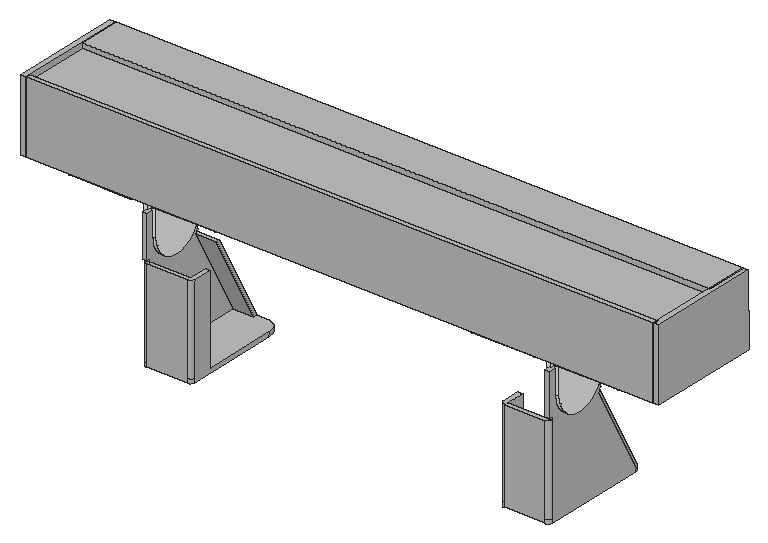
Revit family "4070743+4070747+4070771 Feilo Sylvania Lighting Fixtures CURSUS 306MM 183LM WIDE LED 3K with SINGLE WALL HOUSING with 70MM WALL BRACKET", category Lighting Fixtures, host Face, Revit 2017
Family settings
  Host = Face
  Round Connector Dimension = Use Diameter
  Part Type = Normal
  OmniClass Number = 23.80.70.14
  OmniClass Title = Luminaries for External Lighting
  Cut with Voids When Loaded = Yes
  Light Source = No
  Shared = No
  Room Calculation Point = No
Parameters (values of type "4070743 CURSUS 306MM 183LM WIDE LED 3K")
  Weight = "0.6 kg"
  Wattage Comments = "n/a"
  WarrantyStartDate [instance] = "n/a"
  WarrantyGuarantorParts = "n/a"
  WarrantyDurationUnit = "n/a"
  WarrantyDurationParts = "n/a"
  WarrantyDescription = "n/a"
  Voltage = 24 V
  URL = "http://www.sylvania-lighting.com"
  TypeName = "CURSUS 306MM 183LM WIDE LED 3K"
  TypeFixture_FEILO = CURSUS with SINGLE WALL HOUSING : CURSUS 306MM 183LM WIDE LED 3K
  Type Image = <None>
  Type Comments = "n/a"
  TiltAngle [instance] = 0.00°
  StartAngle [instance] = TiltAngle + 270.00°  # 270.00°
  SerialNumber [instance] = "n/a"
  ReflectorMaterial = none
  PowerFactor = 0
  PowerConsumption = "4.5 W"
  NominalLength = 306 mm
  NominalHeight = 50 mm
  NominalDepth = 30 mm
  Name = "CURSUS 306MM 183LM WIDE LED 3K"
  ModelReference = Name  # "CURSUS 306MM 183LM WIDE LED 3K"
  ModelNumber = "4070743"
  Model = Name  # "CURSUS 306MM 183LM WIDE LED 3K"
  Material = "natural anodised extruded aluminium structure housing"
  ManufacturerName = "Feilo Sylvania"
  Manufacturer = "Feilo Sylvania"
  LuminousEfficacy = "40.66 lm/W"
  LuminaireType = ""
  LightOutputRatio = "100"
  LampsType = Lamp  # "LED"
  LampNominalLuminous = "183 lm"
  LampMacAdamStep = "n/a"
  LampColourTemperature = "3000 K"
  LampColourRenderingIndex = "80"
  Lamp = "LED"
  Keynote = "16500"
  InstallationDate [instance] = "n/a"
  InputVoltage = "24V DC"
  InputNominalFrequency = "n/a"
  IngressProtection = "IP67"
  ImpactProtectionIndex = "IK07"
  IfcExportType = "IfcLightFixtureType"
  IfcExportAs = "IfcLightFixtureType"
  ExpectedLife = 50000
  EndAngle [instance] = StartAngle - 180.00°  # 90.00°
  ElectricShockClassification = "Class III"
  DurationUnit = "hours"
  DocumentationLiterature = "http://www.sylvania-lighting.com/product/en-int/products/4070743"
  DimmingControlOptions = "n/a"
  DiffuserMaterial = Diffuser-Sylvania-Glow
  Description = "LED Exterior Lighting Recessed Surface Mounted Linear Fixture, Natural anodised extruded aluminium structure. Die-cast aluminium end caps. Installation kit with harmonic steel springs., 183 lm, 4,5W, 40lm/W, 3000K, CRI80+,non dimmable,IP67, IK07, (HxWxD) 306x50x30mm, 3 step Mac Adam Ellipse, 0.6kg,, Classe III, 21-25V-DC, energy class : A++, A+, A"
  Default Elevation = 1219.2 mm
  CreatedOn = "1/8/2018"
  CreatedBy = ""
  Cost = 0
  built-in parameter 1114216 [instance] = (empty or 0)
  ClassificationValue = "EF_70_80"
  ClassificationName = "Uniclass2015"
  BracketWidth = 24 mm
  BracketThickness = 2 mm
  BracketHeightEnd = 32 mm
  BracketHeight = 55 mm
  BracketFlange = BracketHeight / 5  # 11 mm
  BracketExtension = 70 mm
  BracketEndReduction = 25 mm
  BracketC = 22 mm  # constant formula
  BracketDistance = 175 mm
  BracketD = BracketHeightEnd - (BracketC * (BracketHeight - BracketHeightEnd) / (BracketExtension - BracketEndReduction))  # 20.756 mm
  BodyMaterial = Body-Sylvania-Gray
  BarCode [instance] = "n/a"
  AssetType = "Fixed"
  AssetIdentifier [instance] = "n/a"
  Assembly Code = "D5020200"
  Apparent Load = 4.5 VA
  AccessoryMaterial = Diffuser-Sylvania-Glow
Reference planes
  plane 1 "Center (Front/Back)": y = 0
  plane 2: z = 0
  plane 3 "Center (Left/Right)": x = 0
  plane 4: x = -99.5
  plane 5: x = 99.5
  plane 6: y = 55
  plane 7: x = -75.5
  plane 8: x = 75.5
  plane 9: z = 70
  plane 10: z = 56
  plane 11: z = 2
  plane 12: z = 45
  plane 13: x = -97.5
  plane 14: y = 53
  plane 15: y = 2
  plane 16: x = -77.5
  plane 17: x = 77.5
  plane 18: x = 97.5
  plane 19: x = -87.5
  plane 20: x = 87.5
  plane 21: y = 11
  plane 22: y = 32
  plane 23: y = 30
  plane 24: z = 67
  plane 25: y = 20.756
  plane 26: y = 16
Forms (mm)
  Blend 1, solid, material "Body-Sylvania-Gray" <- "BodyMaterial"
    base sketch origin (1223.4, -4572, 2) x (0, -1, 0) y (1, 0, 0)
      loop
        line (-4625, -1310.9) -> (-4627, -1310.9) -> (-4627, -1320.9)
        arc (-4627, -1320.9) -> (-4626.414, -1322.314) -> (-4625, -1322.9) r 2
        line (-4625, -1322.9) -> (-4574, -1322.9)
        arc (-4574, -1322.9) -> (-4572.586, -1322.314) -> (-4572, -1320.9) r 2
        line (-4572, -1320.9) -> (-4572, -1300.9)
        arc (-4572, -1300.9) -> (-4572.586, -1299.486) -> (-4574, -1298.9) r 2
        line (-4574, -1298.9) -> (-4583, -1298.9) -> (-4583, -1300.9) -> (-4574, -1300.9) -> (-4574, -1320.9) -> (-4625, -1320.9) -> (-4625, -1310.9)
    top sketch origin (1223.4, -4572, 2) x (0, -1, 0) y (1, 0, 0)
      loop
        line (-4583, -1300.9) -> (-4574, -1300.9) -> (-4574, -1320.9) -> (-4602, -1320.9) -> (-4602, -1310.9) -> (-4604, -1310.9) -> (-4604, -1320.9)
        arc (-4604, -1320.9) -> (-4603.52, -1322.21) -> (-4602.309, -1322.9) r 2.028
        line (-4602.309, -1322.9) -> (-4574, -1322.9)
        arc (-4574, -1322.9) -> (-4572.586, -1322.314) -> (-4572, -1320.9) r 2
        line (-4572, -1320.9) -> (-4572, -1300.9)
        arc (-4572, -1300.9) -> (-4572.586, -1299.486) -> (-4574, -1298.9) r 2
        line (-4574, -1298.9) -> (-4583, -1298.9) -> (-4583, -1300.9)
    from 0 to 43
  Extrusion 2, solid, material "Body-Sylvania-Gray" <- "BodyMaterial"
    sketch origin (0, 0, 0) x (1, 0, 0) y (0, 1, 0)
      loop
        arc (-97.5, 55) -> (-98.914, 54.414) -> (-99.5, 53) r 2
        line (-99.5, 53) -> (-99.5, 2)
        arc (-99.5, 2) -> (-98.914, 0.586) -> (-97.5, 0) r 2
        line (-97.5, 0) -> (-77.5, 0)
        arc (-77.5, 0) -> (-76.086, 0.586) -> (-75.5, 2) r 2
        line (-75.5, 2) -> (-75.5, 47.5)
        arc (-75.5, 47.5) -> (-77.697, 52.803) -> (-83, 55) r 7.5
        line (-83, 55) -> (-97.5, 55)
      loop
        line (97.5, 55) -> (83, 55)
        arc (83, 55) -> (77.697, 52.803) -> (75.5, 47.5) r 7.5
        line (75.5, 47.5) -> (75.5, 2)
        arc (75.5, 2) -> (76.086, 0.586) -> (77.5, 0) r 2
        line (77.5, 0) -> (97.5, 0)
        arc (97.5, 0) -> (98.914, 0.586) -> (99.5, 2) r 2
        line (99.5, 2) -> (99.5, 53)
        arc (99.5, 53) -> (98.914, 54.414) -> (97.5, 55) r 2
    from 0 to 2
  Blend 3, solid, material "Body-Sylvania-Gray" <- "BodyMaterial"
    base sketch origin (1223.4, -4572, 2) x (0, -1, 0) y (1, 0, 0)
      loop
        line (-4625, -1125.9) -> (-4574, -1125.9) -> (-4574, -1145.9) -> (-4583, -1145.9) -> (-4583, -1147.9) -> (-4574, -1147.9)
        arc (-4574, -1147.9) -> (-4572.586, -1147.314) -> (-4572, -1145.9) r 2
        line (-4572, -1145.9) -> (-4572, -1125.9)
        arc (-4572, -1125.9) -> (-4572.586, -1124.486) -> (-4574, -1123.9) r 2
        line (-4574, -1123.9) -> (-4625, -1123.9)
        arc (-4625, -1123.9) -> (-4626.414, -1124.486) -> (-4627, -1125.9) r 2
        line (-4627, -1125.9) -> (-4627, -1135.9) -> (-4625, -1135.9) -> (-4625, -1125.9)
    top sketch origin (1223.4, -4572, 2) x (0, -1, 0) y (1, 0, 0)
      loop
        line (-4602, -1135.9) -> (-4602, -1125.9) -> (-4574, -1125.9) -> (-4574, -1145.9) -> (-4583, -1145.9) -> (-4583, -1147.9) -> (-4574, -1147.9)
        arc (-4574, -1147.9) -> (-4572.586, -1147.314) -> (-4572, -1145.9) r 2
        line (-4572, -1145.9) -> (-4572, -1125.9)
        arc (-4572, -1125.9) -> (-4572.586, -1124.486) -> (-4574, -1123.9) r 2
        line (-4574, -1123.9) -> (-4602, -1123.9)
        arc (-4602, -1123.9) -> (-4603.414, -1124.486) -> (-4604, -1125.9) r 2
        line (-4604, -1125.9) -> (-4604, -1135.9) -> (-4602, -1135.9)
    from 0 to 43
  Blend 4, solid, material "Body-Sylvania-Gray" <- "BodyMaterial"
    base sketch origin (1223.4, -4572, 45) x (0, -1, 0) y (1, 0, 0)
      loop
        line (-4604, -1322.9) -> (-4572, -1322.9) -> (-4572, -1320.9) -> (-4604, -1320.9) -> (-4604, -1322.9)
    top sketch origin (1223.4, -4572, 45) x (0, -1, 0) y (1, 0, 0)
      loop
        line (-4572, -1322.9) -> (-4572, -1320.9) -> (-4592.756, -1320.9) -> (-4592.756, -1322.9) -> (-4572, -1322.9)
    from 0 to 22
  Blend 5, solid, material "Body-Sylvania-Gray" <- "BodyMaterial"
    base sketch origin (1223.4, -4572, 45) x (0, -1, 0) y (1, 0, 0)
      loop
        line (-4604, -1125.9) -> (-4572, -1125.9) -> (-4572, -1123.9) -> (-4604, -1123.9) -> (-4604, -1125.9)
    top sketch origin (1223.4, -4572, 45) x (0, -1, 0) y (1, 0, 0)
      loop
        line (-4572, -1123.9) -> (-4592.756, -1123.9) -> (-4592.756, -1125.9) -> (-4572, -1125.9) -> (-4572, -1123.9)
    from 0 to 22
  Extrusion 6, void
    sketch origin (0, 0, 0) x (0, 1, 0) y (0, 0, 1)
      loop
        line (0, 45) -> (2, 45) -> (2, 46.5) -> (0, 46.5) -> (0, 45)
      loop
        line (32, 45) -> (32, 46.5) -> (30, 46.5) -> (30, 45) -> (32, 45)
    from -99.5 to 99.5
  Revolve 7, solid, not visible
    sketch origin (1524, 16, 1219.2) x (1, 0, 0) y (0, 0, 1)
      loop
        line (-1524, -1152.2) -> (-1524, -1163.2) -> (-1436.5, -1163.2) -> (-1436.5, -1152.2) -> (-1524, -1152.2)
      axis (-1436.5, -1163.2) -> (-1524, -1163.2)
    angle from 270 <- "StartAngle" to 90 <- "EndAngle"
Cuts and joins
  Extrusion 6 cuts Blend 4
  Extrusion 6 cuts Blend 5
  joined: Blend 1, Extrusion 2, Blend 3, Blend 4, Blend 5
Lines and regions (mm)
  reference lines, not visible
    curve 1: line (-75.5, 16, 56) -> (75.5, 16, 56)
Dimensions and locks
  equal spacing: plane 4, plane 3 "Center (Left/Right)", plane 5
  "BracketDistance": plane 19 to plane 20
  "BracketHeight": plane 1 "Center (Front/Back)" to plane 6
  equal spacing: plane 7, plane 3 "Center (Left/Right)", plane 8
  "BracketWidth": plane 4 to plane 7
  "BracketExtension": plane 9 to plane 2
  "BracketThickness": plane 11 to plane 2
  "BracketEndReduction": plane 9 to plane 12
  equal spacing: plane 13, plane 3 "Center (Left/Right)", plane 18
  equal spacing: plane 16, plane 3 "Center (Left/Right)", plane 17
  "BracketThickness": plane 4 to plane 13
  "BracketThickness": plane 16 to plane 7
  "BracketThickness": plane 14 to plane 6
  "BracketThickness": plane 1 "Center (Front/Back)" to plane 15
  equal spacing: plane 4, plane 19, plane 7
  equal spacing: plane 8, plane 20, plane 5
  "BracketFlange": plane 1 "Center (Front/Back)" to plane 21
  "BracketHeightEnd": plane 1 "Center (Front/Back)" to plane 22
  "BracketThickness": plane 23 to plane 22
  locked: Extrusion 2 sketch curve to plane 7 at 7.5
  locked: Extrusion 2 sketch curve to plane 6 at 7.5  (x2)
  locked: plane 8 to Extrusion 2 sketch curve at 7.5
  "BracketC": plane 24 to plane 12
  "BracketD": plane 1 "Center (Front/Back)" to plane 25
  locked: plane 12 to Extrusion 6 sketch curve at 1.5
  equal spacing: plane 24, plane 10, plane 12
  equal spacing: plane 1 "Center (Front/Back)", plane 26, plane 22
  aligned and locked: plane 2 to host face
  aligned and locked: level to host face
  aligned and locked: plane 4 to Blend 1 sketch curve  (x2)
  aligned and locked: plane 13 to Blend 1 sketch curve  (x3)
  aligned and locked: Blend 1 sketch curve to plane 15
  aligned and locked: Blend 1 sketch curve to plane 16
  aligned and locked: Blend 1 sketch curve to plane 21
  aligned and locked: plane 7 to Blend 1 sketch curve
  aligned and locked: plane 16 to Blend 1 sketch curve
  aligned and locked: plane 1 "Center (Front/Back)" to Blend 1 sketch curve
  aligned and locked: plane 14 to Blend 1 sketch curve
  aligned and locked: Blend 1 sketch curve to var sketch  (x6)
  aligned and locked: Blend 1 sketch curve to plane 19
  aligned and locked: Blend 1 sketch curve to plane 22
  aligned and locked: plane 23 to Blend 1 sketch curve
  aligned and locked: plane 11 to Blend 1
  aligned and locked: Extrusion 2 sketch curve to Blend 1  (x3)
  aligned and locked: Extrusion 2 to level
  aligned and locked: Extrusion 2 to plane 11
  aligned and locked: Extrusion 2 sketch curve to plane 7
  aligned and locked: plane 18 to Blend 3 sketch curve  (x4)
  aligned and locked: plane 14 to Blend 3 sketch curve  (x2)
  aligned and locked: Blend 3 sketch curve to plane 20
  aligned and locked: Blend 3 sketch curve to plane 6
  aligned and locked: plane 5 to Blend 3 sketch curve
  aligned and locked: plane 1 "Center (Front/Back)" to Blend 3 sketch curve
  aligned and locked: plane 15 to Blend 3 sketch curve  (x2)
  aligned and locked: Blend 3 sketch curve to plane 8
  aligned and locked: Blend 3 sketch curve to plane 21
  aligned and locked: plane 17 to Blend 3 sketch curve
  aligned and locked: Blend 3 sketch curve to plane 18
  aligned and locked: plane 20 to Blend 3 sketch curve  (x2)
  aligned and locked: Blend 3 sketch curve to plane 23
  aligned and locked: Blend 3 sketch curve to var sketch  (x8)
  aligned and locked: var sketch to Blend 3 sketch curve
  aligned and locked: plane 22 to Blend 3 sketch curve
  aligned and locked: plane 11 to Blend 3
  aligned and locked: Extrusion 2 sketch curve to Blend 3  (x4)
  aligned and locked: Blend 1 to plane 12
  aligned and locked: Blend 3 to plane 12
  aligned and locked: Blend 4 sketch curve to plane 22
  aligned and locked: Blend 4 sketch curve to cut or joined group of Blend 1, Extrusion 2, Blend 3, Blend 4, Blend 5, Extrusion 6  (x2)
  aligned and locked: cut or joined group of Blend 1, Extrusion 2, Blend 3, Blend 4, Blend 5, Extrusion 6 to Blend 4 sketch curve
  aligned and locked: Blend 4 sketch curve to var sketch  (x2)
  aligned and locked: Blend 4 sketch curve to plane 13
  aligned and locked: Blend 4 to plane 24
  aligned and locked: Blend 4 sketch curve to plane 25
  aligned and locked: Blend 5 sketch curve to plane 18  (x2)
  aligned and locked: plane 1 "Center (Front/Back)" to Blend 5 sketch curve
  aligned and locked: plane 5 to Blend 5 sketch curve
  aligned and locked: plane 22 to Blend 5 sketch curve
  aligned and locked: Blend 5 sketch curve to var sketch
  aligned and locked: var sketch to Blend 5 sketch curve
  aligned and locked: Blend 5 sketch curve to plane 25
  aligned and locked: Blend 5 to plane 24
  aligned and locked: plane 12 to Blend 5
  aligned and locked: Extrusion 6 sketch curve to cut or joined group of Blend 1, Extrusion 2, Blend 3, Blend 4, Blend 5, Extrusion 6  (x2)
  aligned and locked: Extrusion 6 sketch curve to Extrusion 6 sketch curve
  aligned and locked: Extrusion 6 sketch curve to plane 15
  aligned and locked: plane 5 to Extrusion 6
  aligned and locked: Extrusion 6 to plane 4
  aligned and locked: Extrusion 6 sketch curve to plane 23
  aligned and locked: Revolve 7 sketch curve to plane 10  (x2)
  aligned and locked: plane 24 to Revolve 7 sketch curve
  aligned and locked: plane 3 "Center (Left/Right)" to Revolve 7 sketch curve
  aligned and locked: Revolve 7 sketch curve to plane 20
  aligned and locked: plane 7 to curve 1
  aligned and locked: plane 10 to curve 1
  aligned and locked: nested 1 to plane 5
  aligned and locked: nested 2 to plane 4
  aligned and locked: nested 1 to curve 1
  aligned and locked: nested 2 to curve 1
  aligned and locked: nested 1 to nested 3
  aligned and locked: nested 3 to plane 3 "Center (Left/Right)"
Automatic sketch dimensions
  host sketch curve to host sketch curve = 2438.4 mm  (x2)
  Blend 1 sketch curve to plane 13 = 0 mm
  plane 15 to Blend 1 sketch curve = 0 mm  (x3)
  Blend 1 sketch curve to plane 23 = 0.309 mm
  plane 6 to Blend 1 sketch curve = 0 mm
  plane 14 to Blend 1 sketch curve = 0 mm
  Blend 1 sketch curve to plane 19 = 0 mm
  Blend 3 sketch curve to plane 17 = 0 mm
  Extrusion 6 sketch curve to plane 1 "Center (Front/Back)" = 0 mm
  plane 12 to Extrusion 6 sketch curve = 0 mm
  Revolve 7 sketch curve to plane 4 = 1153 mm
  plane 5 to Revolve 7 sketch curve = 1161.4 mm
  curve 1 to plane 8 = 0 mm
Nested families
  nested 1: "MountingPlate" at (98.5, 16, 56) x (-1, 0, 0) z (0, 0, 1), type "MountingPlate"
  nested 2: "MountingPlate" at (-98.5, 16, 56) x (-1, 0, 0) z (0, 0, 1), type "MountingPlate"
  nested 3: "CURSUS with SINGLE WALL HOUSING" at (0, -4, 74) x (-1, 0, 0) z (0, 0, 1), type <- "TypeFixture_FEILO", type "CURSUS 306MM 183LM WIDE LED 3K"
    with WarrantyStartDate "n/a", SerialNumber "n/a", InstallationDate "n/a", EndCapRight yes, EndCapLeft yes, built-in parameter 1114216 (empty or 0), BarCode "n/a", AssetIdentifier "n/a"
Connectors
  electrical at (0, 0, 0), driven by "Voltage", driven by "Apparent Load", driven by "PowerFactor"
    settings: index 1, voltage 24 V, apparent load 4.5 VA, apparent load phase1 0 VA, apparent load phase2 0 VA, apparent load phase3 0 VA, power factor 0, load classification "Other", number of poles 1, system type 30, power factor state 1, is connector primary yes, connector utility no, sub classification motor no, connector description ""
Definition of nested family "MountingPlate"
  Parameters (values of type "MountingPlate")
    URL = "http://www.feilosylvania.com"
    Type Comments = "n/a"
    ReflectorMaterial = none
    MountingPlateWidth = 76 mm
    MountingPlateThickness = 2 mm
    MountingPlateRadiusBack = 12 mm
    MountingPlateRadius = 3 mm
    MountingPlateHeight = 35 mm
    Model = "n/a"
    Manufacturer = "Feilo Sylvania"
    Keynote = "n/a"
    DiffuserMaterial = none
    Description = "n/a"
    Default Elevation = 1219.2 mm
    Cost = 0
    BodyMaterial = none
    Assembly Code = "n/a"
    AccessoryMaterial = none
  Reference planes
    plane 1 "Center (Front/Back)": y = 0
    plane 2: z = 0
    plane 3 "Center (Left/Right)": x = 0
    plane 4: x = -38
    plane 5: x = 38
    plane 6: y = 17.5
    plane 7: y = -17.5
    plane 8: x = -3
    plane 9: x = 3
    plane 10: z = 18
    plane 11: z = 16
    plane 12: y = 12.5
    plane 13: y = -12.5
    plane 14: x = -1
    plane 15: x = 1
    plane 16: z = -12.5
    plane 17: z = -14.5
  Forms (mm)
    Extrusion 1, solid
      sketch origin (1.653, 0, 0) x (1, 0, 0) y (0, 1, 0)
        loop
          line (-1219.2, 1219.2) -> (-1219.2, -1219.2) -> (1219.2, -1219.2) -> (1219.2, 1219.2) -> (-1219.2, 1219.2)
      from 0 to -304.8
    Extrusion 2, solid, material <- "BodyMaterial"
      sketch origin (1218.4, -4572, 16) x (0, -1, 0) y (-1, 0, 0)
        loop
          line (-4589.5, 1253.4) -> (-4589.5, 1224.4)
          arc (-4589.5, 1224.4) -> (-4588.621, 1222.279) -> (-4586.5, 1221.4) r 3
          line (-4586.5, 1221.4) -> (-4557.5, 1221.4)
          arc (-4557.5, 1221.4) -> (-4555.379, 1222.279) -> (-4554.5, 1224.4) r 3
          line (-4554.5, 1224.4) -> (-4554.5, 1253.4)
          arc (-4554.5, 1253.4) -> (-4555.379, 1255.521) -> (-4557.5, 1256.4) r 3
          line (-4557.5, 1256.4) -> (-4586.5, 1256.4)
          arc (-4586.5, 1256.4) -> (-4588.621, 1255.521) -> (-4589.5, 1253.4) r 3
        loop
          arc (-4589.5, 1183.4) -> (-4588.621, 1181.279) -> (-4586.5, 1180.4) r 3
          line (-4586.5, 1180.4) -> (-4557.5, 1180.4)
          arc (-4557.5, 1180.4) -> (-4555.379, 1181.279) -> (-4554.5, 1183.4) r 3
          line (-4554.5, 1183.4) -> (-4554.5, 1212.4)
          arc (-4554.5, 1212.4) -> (-4555.379, 1214.521) -> (-4557.5, 1215.4) r 3
          line (-4557.5, 1215.4) -> (-4586.5, 1215.4)
          arc (-4586.5, 1215.4) -> (-4588.621, 1214.521) -> (-4589.5, 1212.4) r 3
          line (-4589.5, 1212.4) -> (-4589.5, 1183.4)
      from 0 to -2
    Extrusion 3, solid, material <- "BodyMaterial"
      sketch origin (0, 0, 0) x (1, 0, 0) y (0, 0, 1)
        loop
          line (-3, 18) -> (-3, -12.5) -> (-1, -12.5) -> (-1, 16)
          arc (-1, 16) -> (-1.586, 17.414) -> (-3, 18) r 2
        loop
          line (3, -12.5) -> (3, 18)
          arc (3, 18) -> (1.586, 17.414) -> (1, 16) r 2
          line (1, 16) -> (1, -12.5) -> (3, -12.5)
      from -12.5 to 12.5
    Extrusion 4, void
      sketch origin (0, 0, 0) x (0, 1, 0) y (0, 0, 1)
        loop
          line (-12.5, -0.5) -> (-17.5, -0.5) -> (-17.5, -14.5) -> (-0.5, -14.5) -> (-0.5, -12.5)
          arc (-0.5, -12.5) -> (-8.985, -8.985) -> (-12.5, -0.5) r 12
        loop
          line (0.5, -12.5) -> (0.5, -14.5) -> (17.5, -14.5) -> (17.5, -0.5) -> (12.5, -0.5)
          arc (12.5, -0.5) -> (8.985, -8.985) -> (0.5, -12.5) r 12
      from -3 to 3
  Cuts and joins
    Extrusion 4 cuts Extrusion 2
    Extrusion 4 cuts Extrusion 3
    joined: Extrusion 2, Extrusion 3
  Lines and regions (mm)
    reference lines
      curve 1: line (-38, 0, 0) -> (38, 0, 0)
  Dimensions and locks
    equal spacing: plane 4, plane 3 "Center (Left/Right)", plane 5
    "MountingPlateWidth": plane 4 to plane 5
    equal spacing: plane 7, plane 1 "Center (Front/Back)", plane 6
    "MountingPlateHeight": plane 7 to plane 6
    equal spacing: plane 8, plane 3 "Center (Left/Right)", plane 9
    "MountingPlateHeight": plane 4 to plane 8
    locked: plane 10 to plane 2 at 18
    "MountingPlateThickness": plane 10 to plane 11
    equal spacing: plane 13, plane 1 "Center (Front/Back)", plane 12
    locked: plane 13 to plane 12 at 25
    "MountingPlateRadius": plane 4 to Extrusion 2 sketch curve  (x2)
    "MountingPlateRadius": Extrusion 2 sketch curve to plane 6  (x4)
    "MountingPlateRadius": Extrusion 2 sketch curve to plane 8  (x2)
    "MountingPlateRadius": plane 7 to Extrusion 2 sketch curve  (x4)
    "MountingPlateRadius": plane 9 to Extrusion 2 sketch curve  (x2)
    "MountingPlateRadius": Extrusion 2 sketch curve to plane 5  (x2)
    equal spacing: plane 15, plane 3 "Center (Left/Right)", plane 14
    "MountingPlateThickness": plane 14 to plane 8
    locked: plane 2 to plane 16 at 12.5
    locked: plane 17 to plane 16 at 2
    "MountingPlateRadiusBack": plane 13 to Extrusion 4 sketch curve
    "MountingPlateRadiusBack": plane 16 to Extrusion 4 sketch curve  (x2)
    "MountingPlateRadiusBack": Extrusion 4 sketch curve to plane 12
    aligned and locked: plane 2 to Extrusion 1
    aligned and locked: level to Extrusion 1
    aligned and locked: Extrusion 2 sketch curve to plane 6
    aligned and locked: Extrusion 2 sketch curve to plane 4
    aligned and locked: plane 7 to Extrusion 2 sketch curve
    aligned and locked: plane 8 to Extrusion 2 sketch curve
    aligned and locked: plane 6 to Extrusion 2 sketch curve
    aligned and locked: Extrusion 2 sketch curve to plane 5
    aligned and locked: Extrusion 2 sketch curve to plane 7
    aligned and locked: plane 9 to Extrusion 2 sketch curve
    aligned and locked: Extrusion 2 to plane 10
    aligned and locked: plane 11 to Extrusion 2
    aligned and locked: Extrusion 3 sketch curve to Extrusion 2  (x2)
    aligned and locked: plane 16 to Extrusion 3 sketch curve  (x2)
    aligned and locked: plane 14 to Extrusion 3 sketch curve
    aligned and locked: plane 9 to Extrusion 3 sketch curve
    aligned and locked: plane 15 to Extrusion 3 sketch curve
    aligned and locked: Extrusion 3 to plane 12
    aligned and locked: plane 13 to Extrusion 3
    aligned and locked: plane 17 to Extrusion 4 sketch curve  (x2)
    aligned and locked: Extrusion 4 sketch curve to plane 7
    aligned and locked: Extrusion 4 sketch curve to plane 6
    aligned and locked: plane 9 to Extrusion 4
    aligned and locked: Extrusion 4 to plane 8
    aligned and locked: plane 4 to curve 1
    aligned and locked: curve 1 to level
  Automatic sketch dimensions
    Extrusion 1 sketch curve to Extrusion 1 sketch curve = 2438.4 mm  (x2)
    Extrusion 3 sketch curve to plane 11 = 0 mm
    curve 1 to plane 5 = 0 mm
    Extrusion 4 sketch curve to plane 13 = 0 mm
    Extrusion 4 sketch curve to plane 12 = 0 mm
Definition of nested family "CURSUS with SINGLE WALL HOUSING"
  Parameters (values of type "CURSUS 1161MM 827LM OVAL LED 3K")
    Width_FEILO = 35 mm
    Weight = "2.2 kg"
    Wattage Comments = "n/a"
    Wattage = 18 W
    WarrantyStartDate [instance] = "n/a"
    WarrantyGuarantorParts = "n/a"
    WarrantyDurationUnit = "n/a"
    WarrantyDurationParts = "n/a"
    WarrantyDescription = "n/a"
    WallThickness_FEILO = 2.5 mm
    built-in parameter 1150110 = 1 (stored number, unit not read)
    Voltage = 24 V
    URL = "http://www.feilosylvania.com"
    TypeName = "CURSUS 1161MM 827LM OVAL LED 3K"
    Type Image = (empty or 0)
    Type Comments = "n/a"
    built-in parameter 1114217 = 1 (stored number, unit not read)
    Tilt Angle = -90.00°
    built-in parameter 1150109 = 1 (stored number, unit not read)
    built-in parameter 1150134 = (empty or 0)
    built-in parameter 1150113 = 1 (stored number, unit not read)
    SerialNumber [instance] = "n/a"
    ReflectorMaterial = none
    PowerFactor = 0
    PowerConsumption = "18 W"
    Photometric Web File = "4070765.ies"
    NominalLength = 1161 mm
    NominalHeight = 50 mm
    NominalDepth = 30 mm
    Name = "CURSUS 1161MM 827LM OVAL LED 3K"
    ModelReference = Name  # "CURSUS 1161MM 827LM OVAL LED 3K"
    ModelNumber = ""
    Model = Name  # "CURSUS 1161MM 827LM OVAL LED 3K"
    Material = "natural anodised extruded aluminium structure housing, optical system with pmma lenses diffuser"
    ManufacturerName = "Feilo Sylvania"
    Manufacturer = "Feilo Sylvania"
    LuminousEfficacy = "45.94 lm/W"
    built-in parameter 1150105 = 1166.5 (stored number, unit not read)
    Lumens = 827 lm
    LuminaireType = ""
    built-in parameter 1150115 = 1 (stored number, unit not read)
    LightOutputRatio = "100"
    built-in parameter 1150137 = (empty or 0)
    built-in parameter 1150139 = (empty or 0)
    Length_FEILO = 1167 mm
    LampsType = Lamp  # "LED"
    LampNominalLuminous = "827 lm"
    LampMacAdamStep = "n/a"
    LampColourTemperature = "3000 K"
    LampColourRenderingIndex = "80"
    built-in parameter 1150112 = 1 (stored number, unit not read)
    built-in parameter 1150114 = 1 (stored number, unit not read)
    Lamp = "LED"
    Keynote = "16500"
    InstallationDate [instance] = "n/a"
    InputVoltage = "24V DC"
    InputNominalFrequency = "n/a"
    built-in parameter 1150132 = (empty or 0)
    built-in parameter 1150102 = (empty or 0)
    built-in parameter 1150107 = 3000 (stored number, unit not read)
    built-in parameter 1150138 = (empty or 0)
    IngressProtection = "IP67"
    ImpactProtectionIndex = "IK07"
    built-in parameter 1150106 = 11.665 (stored number, unit not read)
    IfcExportType = "IfcLightFixtureType"
    IfcExportAs = "IfcLightFixtureType"
    ExpectedLife = 50000
    EndCapRight [instance] = yes
    EndCapLeft [instance] = yes
    Emit from Rectangle Width = Width_FEILO - WallThickness_FEILO * 2  # 30 mm
    Emit from Rectangle Length = Length_FEILO - WallThickness_FEILO * 2  # 1162 mm
    Emit Shape Visible in Rendering = no
    ElectricShockClassification = "Class III"
    built-in parameter 1150104 = 4.2684 (stored number, unit not read)
    DurationUnit = "hours"
    DocumentationLiterature = "http://www.feilosylvania.com/product/en-int/products/4070765"
    DimmingControlOptions = "n/a"
    Dimming Lamp Color Temperature Shift = (empty or 0)
    DiffuserMaterial = none
    Description = "LED Exterior Lighting Recessed Surface Mounted Linear Fixture, Natural anodised extruded aluminium structure. Die-cast aluminium end caps. Installation kit with harmonic steel springs., 827 lm, 18W, 45lm/W, 3000K, CRI80+,non dimmable,IP67, IK07, (HxWxD) 1161x50x30mm, 3 step Mac Adam Ellipse, 2.2kg,, Classe III, 21-25V-DC, energy class : A++, A+, A"
    Default Elevation = 1219.2 mm
    CreatedOn = "1/8/2018"
    CreatedBy = "aron.fodor@feilosylvania.com"
    Cost = 0
    Color Filter = 16777215
    built-in parameter 1114216 [instance] = (empty or 0)
    ClassificationValue = "EF_70_80"
    ClassificationName = "Uniclass2015"
    BodyMaterial = none
    BarCode [instance] = "n/a"
    built-in parameter 1114218 = 1 (stored number, unit not read)
    built-in parameter 1150133 = 10 (stored number, unit not read)
    AssetType = "Fixed"
    AssetIdentifier [instance] = "n/a"
    Assembly Code = "D5020200"
    Apparent Load = 18 VA
    AccessoryMaterial = none
  Types (16, lengths in mm): name | Weight | Wattage | Voltage | TypeName | built-in parameter 1150134 | PowerConsumption | Photometric Web File | NominalLength | Name | ModelReference | Model | Material | LuminousEfficacy | built-in parameter 1150105 | Lumens | Length_FEILO | LampNominalLuminous | LampColourTemperature | InputVoltage | InputNominalFrequency | built-in parameter 1150107 | built-in parameter 1150106 | Emit from Rectangle Length | built-in parameter 1150104 | DocumentationLiterature | Description | Apparent Load
    CURSUS 1161MM 827LM OVAL LED 3K | "2.2 kg" | 18 W | 24 V | "CURSUS 1161MM 827LM OVAL LED 3K" | (empty or 0) | "18 W" | "4070765.ies" | 1161 | "CURSUS 1161MM 827LM OVAL LED 3K" | "CURSUS 1161MM 827LM OVAL LED 3K" | "CURSUS 1161MM 827LM OVAL LED 3K" | "natural anodised extruded aluminium structure housing, optical system with pmma lenses diffuser" | "45.94 lm/W" | 1166.5 (stored number, unit not read) | 827 lm | 1167 | "827 lm" | "3000 K" | "24V DC" | "n/a" | 3000 (stored number, unit not read) | 11.665 (stored number, unit not read) | 1162 | 4.2684 (stored number, unit not read) | "http://www.feilosylvania.com/product/en-int/products/4070765" | "LED Exterior Lighting Recessed Surface Mounted Linear Fixture, Natural anodised extruded aluminium structure. Die-cast aluminium end caps. Installation kit with harmonic steel springs., 827 lm, 18W, 45lm/W, 3000K, CRI80+,non dimmable,IP67, IK07, (HxWxD) 1161x50x30mm, 3 step Mac Adam Ellipse, 2.2kg,, Classe III, 21-25V-DC, energy class : A++, A+, A" | 18 VA
    CURSUS 1161MM 731LM WIDE LED 3K | "2.2 kg" | 18 W | 230 V | "CURSUS 1161MM 731LM WIDE LED 3K" | (empty or 0) | "18 W" | "4070764.ies" | 1161 | "CURSUS 1161MM 731LM WIDE LED 3K" | "CURSUS 1161MM 731LM WIDE LED 3K" | "CURSUS 1161MM 731LM WIDE LED 3K" | "natural anodised extruded aluminium structure housing" | "40.61 lm/W" | 403.47 (stored number, unit not read) | 731 lm | 1167 | "731 lm" | "3000 K" | "220-240V~" | "n/a" | 3000 (stored number, unit not read) | 4.0347 (stored number, unit not read) | 1162 | 3.7729 (stored number, unit not read) | "http://www.feilosylvania.com/product/en-int/products/4070764" | "LED Exterior Lighting Recessed Surface Mounted Linear Fixture, Natural anodised extruded aluminium structure. Die-cast aluminium end caps. Installation kit with harmonic steel springs., 731 lm, 18W, 40lm/W, 3000K, CRI80+,non dimmable,IP67, IK07, (HxWxD) 1161x50x30mm, 3 step Mac Adam Ellipse, 2.2kg,, Classe III, 21-25V-DC, energy class : A++, A+, A" | 18 VA
    CURSUS 1161MM 871LM OVAL LED 4K | "2.2 kg" | 18 W | 24 V | "CURSUS 1161MM 871LM OVAL LED 4K" | 12 | "18 W" | "4070763.ies" | 1161 | "CURSUS 1161MM 871LM OVAL LED 4K" | "CURSUS 1161MM 871LM OVAL LED 4K" | "CURSUS 1161MM 871LM OVAL LED 4K" | "natural anodised extruded aluminium structure housing, optical system with pmma lenses diffuser" | "48.38 lm/W" | 1192.8 (stored number, unit not read) | 871 lm | 1167 | "871 lm" | "4000 K" | "24V DC" | "50/60 Hz" | 4000 (stored number, unit not read) | 11.928 (stored number, unit not read) | 1162 | 4.4955 (stored number, unit not read) | "http://www.feilosylvania.com/product/en-int/products/4070763" | "LED Exterior Lighting Recessed Surface Mounted Linear Fixture, Natural anodised extruded aluminium structure. Die-cast aluminium end caps. Installation kit with harmonic steel springs., 871 lm, 18W,  48lm/W, 4000K, CRI80+,non dimmable,IP67, IK07, (HxWxD) 1161x50x30mm, 3 step Mac Adam Ellipse, 2.2kg,, Classe III, 21-25V-DC, energy class : A++, A+, A" | 18 VA
    CURSUS 1161MM 770LM WIDE LED 4K | "2.2 kg" | 18 W | 230 V | "CURSUS 1161MM 770LM WIDE LED 4K" | 12 | "18 W" | "4070762.ies" | 1161 | "CURSUS 1161MM 770LM WIDE LED 4K" | "CURSUS 1161MM 770LM WIDE LED 4K" | "CURSUS 1161MM 770LM WIDE LED 4K" | "natural anodised extruded aluminium structure housing" | "42.77 lm/W" | 424.94 (stored number, unit not read) | 770 lm | 1167 | "770 lm" | "4000 K" | "220-240V~" | "n/a" | 4000 (stored number, unit not read) | 4.2494 (stored number, unit not read) | 1162 | 3.9742 (stored number, unit not read) | "http://www.feilosylvania.com/product/en-int/products/4070762" | "LED Exterior Lighting Recessed Surface Mounted Linear Fixture, Natural anodised extruded aluminium structure. Die-cast aluminium end caps. Installation kit with harmonic steel springs., 770 lm, 18W,  42lm/W, 4000K, CRI80+,non dimmable,IP67, IK07, (HxWxD) 1161x50x30mm, 3 step Mac Adam Ellipse, 2.2kg,, Classe III, 21-25V-DC, energy class : A++, A+, A" | 18 VA
    CURSUS 876MM 620LM OVAL LED 3K | "1.7 kg" | 13.5 W | 24 V | "CURSUS 876MM 620LM OVAL LED 3K" | (empty or 0) | "13.5 W" | "4070758.ies" | 876 | "CURSUS 876MM 620LM OVAL LED 3K" | "CURSUS 876MM 620LM OVAL LED 3K" | "CURSUS 876MM 620LM OVAL LED 3K" | "natural anodised extruded aluminium structure housing, optical system with pmma lenses diffuser" | "45.92 lm/W" | 874.55 (stored number, unit not read) | 620 lm | 882 | "620 lm" | "3000 K" | "24V DC" | "50/60 Hz" | 3000 (stored number, unit not read) | 8.7455 (stored number, unit not read) | 877 | 4.2667 (stored number, unit not read) | "http://www.feilosylvania.com/product/en-int/products/4070758" | "LED Exterior Lighting Recessed Surface Mounted Linear Fixture, Natural anodised extruded aluminium structure. Die-cast aluminium end caps. Installation kit with harmonic steel springs., 620 lm, 13,5W, 45lm/W, 3000K, CRI80+,non dimmable,IP67, IK07, (HxWxD) 876x50x30mm, 3 step Mac Adam Ellipse, 1.7kg,, Classe III, 21-25V-DC, energy class : A++, A+, A" | 13.5 VA
    CURSUS 876MM 548LM WIDE LED 3K | "1.7 kg" | 13.5 W | 24 V | "CURSUS 876MM 548LM WIDE LED 3K" | (empty or 0) | "13.5 W" | "4070757.ies" | 876 | "CURSUS 876MM 548LM WIDE LED 3K" | "CURSUS 876MM 548LM WIDE LED 3K" | "CURSUS 876MM 548LM WIDE LED 3K" | "natural anodised extruded aluminium structure housing" | "40.59 lm/W" | 302.47 (stored number, unit not read) | 548 lm | 882 | "548 lm" | "3000 K" | "24V DC" | "n/a" | 3000 (stored number, unit not read) | 3.0247 (stored number, unit not read) | 877 | 3.7712 (stored number, unit not read) | "http://www.feilosylvania.com/product/en-int/products/4070757" | "LED Exterior Lighting Recessed Surface Mounted Linear Fixture, Natural anodised extruded aluminium structure. Die-cast aluminium end caps. Installation kit with harmonic steel springs., 548 lm, 13,5W, 40lm/W, 3000K, CRI80+,non dimmable,IP67, IK07, (HxWxD) 876x50x30mm, 3 step Mac Adam Ellipse, 1.7kg,, Classe III, 21-25V-DC, energy class : A++, A+, A" | 13.5 VA
    CURSUS 876MM 653LM OVAL LED 4K | "1.7 kg" | 13.5 W | 24 V | "CURSUS 876MM 653LM OVAL LED 4K" | 12 | "13.5 W" | "4070756.ies" | 876 | "CURSUS 876MM 653LM OVAL LED 4K" | "CURSUS 876MM 653LM OVAL LED 4K" | "CURSUS 876MM 653LM OVAL LED 4K" | "natural anodised extruded aluminium structure housing, optical system with pmma lenses diffuser" | "48.37 lm/W" | 894.28 (stored number, unit not read) | 653 lm | 882 | "653 lm" | "4000 K" | "24V DC" | "n/a" | 4000 (stored number, unit not read) | 8.9428 (stored number, unit not read) | 877 | 4.4938 (stored number, unit not read) | "http://www.feilosylvania.com/product/en-int/products/4070756" | "LED Exterior Lighting Recessed Surface Mounted Linear Fixture, Natural anodised extruded aluminium structure. Die-cast aluminium end caps. Installation kit with harmonic steel springs., 653 lm, 13,5W,  48lm/W, 4000K, CRI80+,non dimmable,IP67, IK07, (HxWxD) 876x50x30mm, 3 step Mac Adam Ellipse, 1.7kg,, Classe III, 21-25V-DC, energy class : A++, A+, A" | 13.5 VA
    CURSUS 876MM 577LM WIDE LED 4K | "1.7 kg" | 13.5 W | 24 V | "CURSUS 876MM 577LM WIDE LED 4K" | 12 | "13.5 W" | "4070755.ies" | 876 | "CURSUS 876MM 577LM WIDE LED 4K" | "CURSUS 876MM 577LM WIDE LED 4K" | "CURSUS 876MM 577LM WIDE LED 4K" | "natural anodised extruded aluminium structure housing" | "42.74 lm/W" | 318.43 (stored number, unit not read) | 577 lm | 882 | "577 lm" | "4000 K" | "24V DC" | "n/a" | 4000 (stored number, unit not read) | 3.1843 (stored number, unit not read) | 877 | 3.9707 (stored number, unit not read) | "http://www.feilosylvania.com/product/en-int/products/4070755" | "LED Exterior Lighting Recessed Surface Mounted Linear Fixture, Natural anodised extruded aluminium structure. Die-cast aluminium end caps. Installation kit with harmonic steel springs., 577 lm, 13,5W,  42lm/W, 4000K, CRI80+,non dimmable,IP67, IK07, (HxWxD) 876x50x30mm, 3 step Mac Adam Ellipse, 1.7kg,, Classe III, 21-25V-DC, energy class : A++, A+, A" | 13.5 VA
    CURSUS 591MM 414LM OVAL LED 3K | "1.2 kg" | 9 W | 24 V | "CURSUS 591MM 414LM OVAL LED 3K" | (empty or 0) | "9 W" | "4070751.ies" | 591 | "CURSUS 591MM 414LM OVAL LED 3K" | "CURSUS 591MM 414LM OVAL LED 3K" | "CURSUS 591MM 414LM OVAL LED 3K" | "natural anodised extruded aluminium structure housing, optical system with pmma lenses diffuser" | "46 lm/W" | 583.97 (stored number, unit not read) | 414 lm | 597 | "414 lm" | "3000 K" | "24V DC" | "n/a" | 3000 (stored number, unit not read) | 5.8397 (stored number, unit not read) | 592 | 4.2735 (stored number, unit not read) | "http://www.feilosylvania.com/product/en-int/products/4070751" | "LED Exterior Lighting Recessed Surface Mounted Linear Fixture, Natural anodised extruded aluminium structure. Die-cast aluminium end caps. Installation kit with harmonic steel springs., 414 lm, 9W, 46lm/W, 3000K, CRI80+,non dimmable,IP67, IK07, (HxWxD) 591x50x30mm, 3 step Mac Adam Ellipse, 1.2kg,, Classe III, 21-25V-DC, energy class : A++, A+, A" | 9 VA
    CURSUS 591MM 365LM WIDE LED 3K | "1.2 kg" | 9 W | 24 V | "CURSUS 591MM 365LM WIDE LED 3K" | (empty or 0) | "9 W" | "4070750.ies" | 591 | "CURSUS 591MM 365LM WIDE LED 3K" | "CURSUS 591MM 365LM WIDE LED 3K" | "CURSUS 591MM 365LM WIDE LED 3K" | "natural anodised extruded aluminium structure housing" | "40.55 lm/W" | 201.45 (stored number, unit not read) | 365 lm | 597 | "365 lm" | "3000 K" | "24V DC" | "n/a" | 3000 (stored number, unit not read) | 2.0145 (stored number, unit not read) | 592 | 3.7677 (stored number, unit not read) | "http://www.feilosylvania.com/product/en-int/products/4070750" | "LED Exterior Lighting Recessed Surface Mounted Linear Fixture, Natural anodised extruded aluminium structure. Die-cast aluminium end caps. Installation kit with harmonic steel springs., 365 lm, 9W, 40lm/W, 3000K, CRI80+,non dimmable,IP67, IK07, (HxWxD) 591x50x30mm, 3 step Mac Adam Ellipse, 1.2kg,, Classe III, 21-25V-DC, energy class : A++, A+, A" | 9 VA
    CURSUS 591MM 435LM OVAL LED 4K | "1.2 kg" | 9 W | 24 V | "CURSUS 591MM 435LM OVAL LED 4K" | 12 | "9 W" | "4070749.ies" | 591 | "CURSUS 591MM 435LM OVAL LED 4K" | "CURSUS 591MM 435LM OVAL LED 4K" | "CURSUS 591MM 435LM OVAL LED 4K" | "natural anodised extruded aluminium structure housing, optical system with pmma lenses diffuser" | "48.33 lm/W" | 595.73 (stored number, unit not read) | 435 lm | 597 | "435 lm" | "4000 K" | "24V DC" | "n/a" | 4000 (stored number, unit not read) | 5.9573 (stored number, unit not read) | 592 | 4.4903 (stored number, unit not read) | "http://www.feilosylvania.com/product/en-int/products/4070749" | "LED Exterior Lighting Recessed Surface Mounted Linear Fixture, Natural anodised extruded aluminium structure. Die-cast aluminium end caps. Installation kit with harmonic steel springs., 435 lm, 9W, 48lm/W, 4000K, CRI80+,non dimmable,IP67, IK07, (HxWxD) 591x50x30mm, 3 step Mac Adam Ellipse, 1.2kg,, Classe III, 21-25V-DC, energy class : A++, A+, A" | 9 VA
    CURSUS 591MM 385LM WIDE LED 4K | "1.2 kg" | 9 W | 24 V | "CURSUS 591MM 385LM WIDE LED 4K" | 12 | "9 W" | "4070748.ies" | 591 | "CURSUS 591MM 385LM WIDE LED 4K" | "CURSUS 591MM 385LM WIDE LED 4K" | "CURSUS 591MM 385LM WIDE LED 4K" | "natural anodised extruded aluminium structure housing" | "42.77 lm/W" | 212.47 (stored number, unit not read) | 385 lm | 597 | "385 lm" | "4000 K" | "24V DC" | "n/a" | 4000 (stored number, unit not read) | 2.1247 (stored number, unit not read) | 592 | 3.9742 (stored number, unit not read) | "http://www.feilosylvania.com/product/en-int/products/4070748" | "LED Exterior Lighting Recessed Surface Mounted Linear Fixture, Natural anodised extruded aluminium structure. Die-cast aluminium end caps. Installation kit with harmonic steel springs., 385 lm, 9W,  42lm/W, 4000K, CRI80+,non dimmable,IP67, IK07, (HxWxD) 591x50x30mm, 3 step Mac Adam Ellipse, 1.2kg,, Classe III, 21-25V-DC, energy class : A++, A+, A" | 9 VA
    CURSUS 306MM 207LM OVAL LED3K | "0.6 kg" | 4.5 W | 24 V | "CURSUS 306MM 207LM OVAL LED3K" | (empty or 0) | "4.5 W" | "4070744.ies" | 306 | "CURSUS 306MM 207LM OVAL LED3K" | "CURSUS 306MM 207LM OVAL LED3K" | "CURSUS 306MM 207LM OVAL LED3K" | "natural anodised extruded aluminium structure housing, optical system with pmma lenses diffuser" | "46 lm/W" | 291.98 (stored number, unit not read) | 207 lm | 312 | "207 lm" | "3000 K" | "24V DC" | "n/a" | 3000 (stored number, unit not read) | 2.9198 (stored number, unit not read) | 307 | 4.2735 (stored number, unit not read) | "http://www.feilosylvania.com/product/en-int/products/4070744" | "LED Exterior Lighting Recessed Surface Mounted Linear Fixture, Natural anodised extruded aluminium structure. Die-cast aluminium end caps. Installation kit with harmonic steel springs., 207 lm, 4,5W, 46lm/W, 3000K, CRI80+,non dimmable,IP67, IK07, (HxWxD) 306x50x30mm, 3 step Mac Adam Ellipse, 0.6kg,, Classe III, 21-25V-DC, energy class : A++, A+, A" | 4.5 VA
    CURSUS 306MM 183LM WIDE LED 3K | "0.6 kg" | 4.5 W | 24 V | "CURSUS 306MM 183LM WIDE LED 3K" | (empty or 0) | "4.5 W" | "4070743.ies" | 306 | "CURSUS 306MM 183LM WIDE LED 3K" | "CURSUS 306MM 183LM WIDE LED 3K" | "CURSUS 306MM 183LM WIDE LED 3K" | "natural anodised extruded aluminium structure housing" | "40.66 lm/W" | 101.01 (stored number, unit not read) | 183 lm | 312 | "183 lm" | "3000 K" | "24V DC" | "n/a" | 3000 (stored number, unit not read) | 1.0101 (stored number, unit not read) | 307 | 3.7781 (stored number, unit not read) | "http://www.feilosylvania.com/product/en-int/products/4070743" | "LED Exterior Lighting Recessed Surface Mounted Linear Fixture, Natural anodised extruded aluminium structure. Die-cast aluminium end caps. Installation kit with harmonic steel springs., 183 lm, 4,5W, 40lm/W, 3000K, CRI80+,non dimmable,IP67, IK07, (HxWxD) 306x50x30mm, 3 step Mac Adam Ellipse, 0.6kg,, Classe III, 21-25V-DC, energy class : A++, A+, A" | 4.5 VA
    CURSUS 306MM 218LM OVAL LED 4K | "0.6 kg" | 4.5 W | 24 V | "CURSUS 306MM 218LM OVAL LED 4K" | 12 | "4.5 W" | "4070742.ies" | 306 | "CURSUS 306MM 218LM OVAL LED 4K" | "CURSUS 306MM 218LM OVAL LED 4K" | "CURSUS 306MM 218LM OVAL LED 4K" | "natural anodised extruded aluminium structure housing, optical system with pmma lenses diffuser" | "48.44 lm/W" | 298.55 (stored number, unit not read) | 218 lm | 312 | "218 lm" | "4000 K" | "24V DC" | "n/a" | 4000 (stored number, unit not read) | 2.9855 (stored number, unit not read) | 307 | 4.5006 (stored number, unit not read) | "http://www.feilosylvania.com/product/en-int/products/4070742" | "LED Exterior Lighting Recessed Surface Mounted Linear Fixture, Natural anodised extruded aluminium structure. Die-cast aluminium end caps. Installation kit with harmonic steel springs., 218 lm, 4,5W,  48lm/W, 4000K, CRI80+,non dimmable,IP67, IK07, (HxWxD) 306x50x30mm, 3 step Mac Adam Ellipse, 0.6kg,, Classe III, 21-25V-DC, energy class : A++, A+, A" | 4.5 VA
    CURSUS 306MM 192LM WIDE LED 4K | "0.6 kg" | 4.5 W | 24 V | "CURSUS 306MM 192LM WIDE LED 4K" | 12 | "4.5 W" | "4070741.ies" | 306 | "CURSUS 306MM 192LM WIDE LED 4K" | "CURSUS 306MM 192LM WIDE LED 4K" | "CURSUS 306MM 192LM WIDE LED 4K" | "natural anodised extruded aluminium structure housing" | "42.66 lm/W" | 105.96 (stored number, unit not read) | 192 lm | 312 | "192 lm" | "4000 K" | "24V DC" | "n/a" | 4000 (stored number, unit not read) | 1.0596 (stored number, unit not read) | 307 | 3.9639 (stored number, unit not read) | "http://www.feilosylvania.com/product/en-int/products/4070741" | "LED Exterior Lighting Recessed Surface Mounted Linear Fixture, Natural anodised extruded aluminium structure. Die-cast aluminium end caps. Installation kit with harmonic steel springs., 192 lm, 4,5W,  42lm/W, 4000K, CRI80+,non dimmable,IP67, IK07, (HxWxD) 306x50x30mm, 3 step Mac Adam Ellipse, 0.6kg,, Classe III, 21-25V-DC, energy class : A++, A+, A" | 4.5 VA
  Reference planes
    plane 1 "Center (Front/Back)": y = 0
    plane 2: z = 0
    plane 3 "Center (Left/Right)": x = 0
    plane 4: x = 583.5
    plane 5: x = -583.5
    plane 6: x = -581
    plane 7: x = 581
    plane 8: z = 35
    plane 9: z = 17.5
    plane 10: z = 32.5
    plane 11: z = 2.5
    plane 12: z = 30
    plane 13: z = 5
    plane 14: y = -55
    plane 15: y = -53
    plane 16: y = -2.5
    plane 17: y = -37
    plane 18: y = -34.5
  Forms (mm)
    Extrusion 1, solid
      sketch origin (4.2, 0, 0) x (1, 0, 0) y (0, 1, 0)
        loop
          line (-1219.2, 1219.2) -> (-1219.2, -1219.2) -> (1219.2, -1219.2) -> (1219.2, 1219.2) -> (-1219.2, 1219.2)
      from 0 to -304.8
    Extrusion 2, solid, material <- "BodyMaterial"
      sketch origin (0, 0, 0) x (0, 1, 0) y (0, 0, 1)
        loop
          line (0, 35) -> (-2.5, 35) -> (-2.5, 32.5) -> (-34.5, 32.5) -> (-34.5, 35) -> (-55, 35) -> (-55, 32.5) -> (-37, 32.5) -> (-37, 30) -> (-2.5, 30) -> (-2.5, 5) -> (-37, 5) -> (-37, 2.5) -> (-55, 2.5) -> (-55, 0) -> (-34.5, 0) -> (-34.5, 2.5) -> (-2.5, 2.5) -> (-2.5, 0) -> (0, 0) -> (0, 35)
      from -581 to 581
    Extrusion 3, solid, material <- "DiffuserMaterial"
      sketch origin (0, 0, 0) x (0, 1, 0) y (0, 0, 1)
        loop
          line (-37, 32.5) -> (-55, 32.5) -> (-55, 19.5) -> (-53, 17.5) -> (-55, 15.5) -> (-55, 2.5) -> (-37, 2.5) -> (-37, 32.5)
      from -581 to 581
    Extrusion 4, solid, material <- "BodyMaterial", visible <- "EndCapRight"
      sketch origin (581, 1524, 1219.2) x (0, 1, 0) y (0, 0, 1)
        loop
          line (-1579, -1184.2) -> (-1579, -1219.2) -> (-1524, -1219.2) -> (-1524, -1184.2) -> (-1579, -1184.2)
      from 0 to 2.5
    Extrusion 5, solid, material <- "BodyMaterial", visible <- "EndCapLeft"
      sketch origin (-581, 1524, 1219.2) x (0, 1, 0) y (0, 0, 1)
        loop
          line (-1579, -1184.2) -> (-1579, -1219.2) -> (-1524, -1219.2) -> (-1524, -1184.2) -> (-1579, -1184.2)
      from -2.5 to 0
  Dimensions and locks
    equal spacing: plane 5, plane 3 "Center (Left/Right)", plane 4
    "Length_FEILO": plane 5 to plane 4
    equal spacing: plane 6, plane 3 "Center (Left/Right)", plane 7
    "WallThickness_FEILO": plane 5 to plane 6
    locked: plane 9 to plane 2 at 17.5
    locked: plane 8 to plane 2 at 35
    equal spacing: plane 11, plane 9, plane 10
    equal spacing: plane 13, plane 9, plane 12
    "WallThickness_FEILO": plane 12 to plane 10
    locked: plane 14 to plane 15 at 2
    locked: plane 14 to plane 17 at 18
    "WallThickness_FEILO": plane 17 to plane 18
    "WallThickness_FEILO": plane 16 to plane 1 "Center (Front/Back)"
    locked: plane 15 to Extrusion 3 sketch curve (angle 45.00°)
    locked: Extrusion 3 sketch curve to plane 15 (angle 45.00°)
    aligned and locked: plane 2 to Extrusion 1
    aligned and locked: level to Extrusion 1
    aligned and locked: plane 1 "Center (Front/Back)" to Extrusion 2 sketch curve
    aligned and locked: Extrusion 2 sketch curve to plane 8  (x2)
    aligned and locked: plane 16 to Extrusion 2 sketch curve
    aligned and locked: Extrusion 1 to Extrusion 2 sketch curve
    aligned and locked: Extrusion 2 sketch curve to plane 16  (x2)
    aligned and locked: Extrusion 2 sketch curve to plane 11
    aligned and locked: plane 18 to Extrusion 2 sketch curve
    aligned and locked: level to Extrusion 2 sketch curve
    aligned and locked: plane 11 to Extrusion 2 sketch curve
    aligned and locked: Extrusion 2 sketch curve to plane 17
    aligned and locked: plane 13 to Extrusion 2 sketch curve
    aligned and locked: Extrusion 2 sketch curve to plane 12
    aligned and locked: plane 10 to Extrusion 2 sketch curve  (x2)
    aligned and locked: plane 17 to Extrusion 2 sketch curve  (x2)
    aligned and locked: plane 12 to Extrusion 2 sketch curve
    aligned and locked: Extrusion 2 sketch curve to plane 10
    aligned and locked: Extrusion 2 sketch curve to plane 18
    aligned and locked: plane 7 to Extrusion 2
    aligned and locked: Extrusion 2 to plane 6
    aligned and locked: Extrusion 3 sketch curve to Extrusion 2  (x4)
    aligned and locked: Extrusion 2 to Extrusion 3 sketch curve
    aligned and locked: plane 9 to Extrusion 3 sketch curve
    aligned and locked: plane 7 to Extrusion 3
    aligned and locked: Extrusion 3 to plane 6
    aligned and locked: Extrusion 4 sketch curve to Extrusion 2  (x4)
    aligned and locked: plane 4 to Extrusion 4
    aligned and locked: Extrusion 4 to plane 7
    aligned and locked: Extrusion 5 sketch curve to Extrusion 4  (x3)
    aligned and locked: Extrusion 5 sketch curve to Extrusion 2
    aligned and locked: Extrusion 5 to plane 5
    aligned and locked: plane 6 to Extrusion 5
    aligned and locked: plane 14 to imposter light
    aligned and locked: imposter light to plane 9
    aligned and locked: plane 3 "Center (Left/Right)" to imposter light
  Automatic sketch dimensions
    Extrusion 1 sketch curve to Extrusion 1 sketch curve = 2438.4 mm  (x2)
    Extrusion 2 sketch curve to plane 14 = 0 mm  (x2)
    Extrusion 3 sketch curve to plane 15 = 0 mm
  Connectors
    electrical at (0, 0, 0), driven by "Apparent Load", driven by "PowerFactor", driven by "Voltage"
      settings: index 1, voltage 24 V, apparent load 18 VA, apparent load phase1 0 VA, apparent load phase2 0 VA, apparent load phase3 0 VA, power factor 0, load classification none, number of poles 1, system type 30, power factor state 1, is connector primary yes, connector utility no, sub classification motor no, connector description ""
